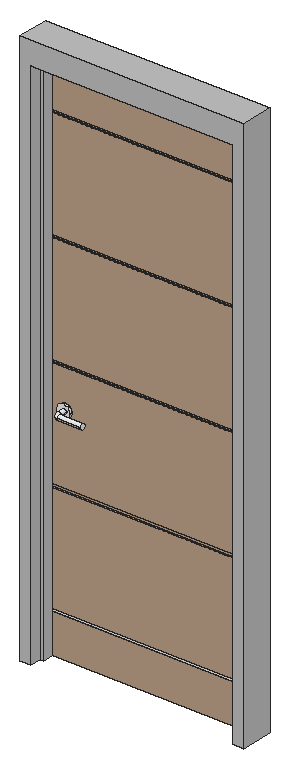
Revit family "single pannel groove door ", category Doors, host Wall, Revit 2026
Family settings
  Host = Wall
  Always vertical = Yes
  Cut with Voids When Loaded = No
  Shared = No
  Room Calculation Point = No
Parameters (values of type "36" x 96"")
  groove thisckness = 0.51325"
  groove gap = 7.67753"
  groove = 0.51325"
  Visual Light Transmittance = 0
  Thickness = 1 3/4"
  Thermal Resistance (R) = 2.5876 (h·ft²·°F)/BTU
  Swing Angle [instance] = 90.00°
  Strike Height = 40"
  Solar Heat Gain Coefficient = 0
  Rough Width [instance] = Width + MF Opening Width  # 40"
  Rough Height [instance] = Height + MF Opening Height  # 100"
  Panel Material = Wood - Birch
  Masonry Frame [instance] = yes
  MF Opening Height [instance] = if(Masonry Frame, 4", 1 1/4")  # 4"
  MF Opening Width [instance] = if(Masonry Frame, 4", 2 1/2")  # 4"
  Inset Calculate [instance] = if(Masonry Frame, Masonry Inset + 3", 3")  # 4"
  Masonry Inset [instance] = 1"
  Height = 96"
  Wall Closure = By host
  Width = 36"
  Heat Transfer Coefficient (U) = 0.3865 BTU/(h·ft²·°F)
  Groove gap plus width = 8.19078"
  Groove = 20"
  Function = Exterior
  Frame Material = Metal - Paint Finish - Grey
  Masonry Frame Depth = 5 3/4"
  Dry Wall Frame [instance] = not(Masonry Frame)  # no
  Door Handle Material = Aluminum
  Define Thermal Properties by = Schematic Type
  Analytic Construction = "Wooden"
Types (7): name | Rough Width | Rough Height | Height | Width
  36" x 96" | 40" | 100" | 96" | 36"
  36" x 94" | 40" | 98" | 94" | 36"
  36" x 86" | 40" | 90" | 86" | 36"
  36" x 84" | 40" | 88" | 84" | 36"
  36" x 80" | 40" | 84" | 80" | 36"
  30" x 84" | 34" | 88" | 84" | 30"
  30" x 80" | 34" | 84" | 80" | 30"
Reference planes (in)
  plane 1 "Center (Front/Back)": y = 0
  plane 2 "Center (Left/Right)": x = 0
  plane 3 "Left": x = -20
  plane 4 "Right": x = 20
  plane 5 "Top": z = 100
  plane 6 "Exterior": y = 4.25
  plane 7 "Interior": y = -3.75
  plane 8 "Door Panel Left": x = -18
  plane 9 "Door Panel Right": x = 18
  plane 10 "Top Of Panel": z = 96
  plane 11: z = 0
  plane 12: z = 0
  plane 13 "Door Back": y = 1.5
  plane 14: z = 40
  plane 15 "Door Front": y = 3.25
  plane 16: y = -2.5
  plane 17: y = 1.3125
  plane 18: x = -17.375
  plane 19: y = -0.5625
  plane 20: z = 98
  plane 21: y = 7.25
  plane 22: z = 98
  plane 23: x = 18.75
  plane 24: x = 20.75
  plane 25: y = 4.75
  plane 26: y = -4.25
  plane 27: x = 18.125
  plane 28: y = 1.3125
  plane 29: y = -0.1875
  plane 30: y = 2.5
  plane 31: y = 2.25
  plane 32: y = 2.375
  plane 33: x = -10.32247
  plane 34: x = -9.80922
Forms (in)
  Extrusion 1, solid, material "Wood - Birch" <- "Panel Material"
    sketch origin (0, 0, 0) x (1, 0, 0) y (0, 0, 1)
      loop
        line (18, 96) -> (-18, 96) -> (-18, 0) -> (18, 0) -> (18, 96)
    from -3.25 to -1.5
  Sweep 2, solid, material "Metal - Paint Finish - Grey" <- "Frame Material", visible <- "Masonry Frame"
    path origin (0, 4.25, 0) x (1, 0, 0) y (0, 0, 1)
      loop
        line (20, 0) -> (20, 98) -> (-20, 98) -> (-20, 0)
    profile origin (-20, 4.25, 49) x (0, -1, 0) y (1, 0, 0)
      loop
        line (1, 2) -> (1, 0) -> (6.75, 0) -> (6.75, 2) -> (4.8125, 2) -> (4.8125, 2.625) -> (2.9375, 2.625) -> (2.9375, 2) -> (1, 2)
  Extrusion 3, solid, material "Metal - Paint Finish - Grey" <- "Frame Material", visible <- "Masonry Frame"
    sketch origin (0, 0, 0) x (0, 1, 0) y (0, 0, 1)
      loop
        line (3.25, 100) -> (-2.5, 100) -> (-2.5, 98) -> (3.25, 98) -> (3.25, 100)
    from -20 to 20
  Sweep 4, solid, material "Metal - Paint Finish - Grey" <- "Frame Material", visible <- "Dry Wall Frame"
    path origin (0, 4.25, 0) x (1, 0, 0) y (0, 0, 1)
      loop
        line (20, 0) -> (20, 100) -> (-20, 100) -> (-20, 0)
    profile origin (20, 4.25, 50) x (-1, 0, 0) y (0, -1, 0)
      loop
        line (-0.75, -0.5) -> (1.25, -0.5) -> (1.25, 2.9375) -> (1.875, 2.9375) -> (1.875, 4.4375) -> (1.25, 4.4375) -> (1.25, 8.5) -> (-0.75, 8.5) -> (-0.75, 8) -> (0, 8) -> (0, 0) -> (-0.75, 0) -> (-0.75, -0.5)
  Extrusion 5, void
    sketch origin (0, 0, -3) x (0, 1, 0) y (0, 0, 1)
      loop
        line (3, 10) -> (4.25, 10) -> (4.25, 10.5) -> (3, 10.5) -> (3, 10)
      loop
        line (3, 30) -> (4.25, 30) -> (4.25, 30.5) -> (3, 30.5) -> (3, 30)
      loop
        line (3, 50) -> (4.25, 50) -> (4.25, 50.5) -> (3, 50.5) -> (3, 50)
      loop
        line (3, 70) -> (4.25, 70) -> (4.25, 70.5) -> (3, 70.5) -> (3, 70)
      loop
        line (3, 90) -> (4.25, 90) -> (4.25, 90.5) -> (3, 90.5) -> (3, 90)
      loop
        line (1.75, 10) -> (1.75, 10.5) -> (0.5, 10.5) -> (0.5, 10) -> (1.75, 10)
      loop
        line (1.75, 30) -> (1.75, 30.5) -> (0.5, 30.5) -> (0.5, 30) -> (1.75, 30)
      loop
        line (1.75, 50) -> (1.75, 50.5) -> (0.5, 50.5) -> (0.5, 50) -> (1.75, 50)
      loop
        line (1.75, 70) -> (1.75, 70.5) -> (0.5, 70.5) -> (0.5, 70) -> (1.75, 70)
      loop
        line (1.75, 90) -> (1.75, 90.5) -> (0.5, 90.5) -> (0.5, 90) -> (1.75, 90)
    from -20 to 20
Cuts and joins
  joined: Sweep 2, Extrusion 3
  Extrusion 5 cuts Extrusion 1
Lines and regions (in)
  Opening 1
    outline origin (-90, -3.75, 0) x (1, 0, 0) y (0, 0, 1)
      loop
        line (70, 0) -> (110, 0) -> (110, 100) -> (70, 100) -> (70, 0)
  Masking region 1, visible <- "Masonry Frame", detail levels coarse+medium
    outline origin (0, 0, 0) x (1, 0, 0) y (0, 1, 0)
      loop
        line (-20, 3.25) -> (-20, -2.5) -> (-18, -2.5) -> (-18, 3.25) -> (-20, 3.25)
      loop
        line (20, 3.25) -> (18, 3.25) -> (18, -2.5) -> (20, -2.5) -> (20, 3.25)
  Masking region 2, visible <- "Masonry Frame", detail levels fine
    outline origin (0, 0, 0) x (1, 0, 0) y (0, 1, 0)
      loop
        line (-20, 3.25) -> (-20, -2.5) -> (-18, -2.5) -> (-18, -0.5625) -> (-17.375, -0.5625) -> (-17.375, 1.3125) -> (-18, 1.3125) -> (-18, 3.25) -> (-20, 3.25)
      loop
        line (20, 3.25) -> (18, 3.25) -> (18, 1.3125) -> (17.375, 1.3125) -> (17.375, -0.5625) -> (18, -0.5625) -> (18, -2.5) -> (20, -2.5) -> (20, 3.25)
  Masking region 3, visible <- "Dry Wall Frame", detail levels coarse+medium
    outline origin (0, 0, 0) x (1, 0, 0) y (0, 1, 0)
      loop
        line (18.75, -3.75) -> (20, -3.75) -> (20, 4.25) -> (18.75, 4.25) -> (18.75, -3.75)
      loop
        line (-20, 4.25) -> (-20, -3.75) -> (-18.75, -3.75) -> (-18.75, 4.25) -> (-20, 4.25)
  Masking region 4, visible <- "Dry Wall Frame", detail levels fine
    outline origin (0, 0, 0) x (1, 0, 0) y (0, 1, 0)
      loop
        line (-20.75, 4.75) -> (-20.75, 4.25) -> (-20, 4.25) -> (-20, -3.75) -> (-20.75, -3.75) -> (-20.75, -4.25) -> (-18.75, -4.25) -> (-18.75, -0.1875) -> (-18.125, -0.1875) -> (-18.125, 1.3125) -> (-18.75, 1.3125) -> (-18.75, 4.75) -> (-20.75, 4.75)
      loop
        line (20.75, 4.25) -> (20.75, 4.75) -> (18.75, 4.75) -> (18.75, 1.3125) -> (18.125, 1.3125) -> (18.125, -0.1875) -> (18.75, -0.1875) -> (18.75, -4.25) -> (20.75, -4.25) -> (20.75, -3.75) -> (20, -3.75) -> (20, 4.25) -> (20.75, 4.25)
  symbolic lines, style "Elevation Swing"
    curve 1: line (-18, 4.25, 96) -> (18, 4.25, 48)
    curve 2: line (18, 4.25, 48) -> (-18, 4.25, 0)
Text (in)
  text "Exterior" at (-74.96733, 27.31104, 0), in view "Ref. Level"
  text "Interior" at (-74.96733, -25.14366, 0), in view "Ref. Level"
  text "Exterior" at (0, 40.15149, 123.01588), in view "Right"
  text "Interior" at (0, -64.39139, 123.01588), in view "Right"
  text "Interior" at (0, -31.01599, 123.00693), in view "Left"
  text "Exterior" at (0, 54.57065, 123.00693), in view "Left"
Dimensions and locks (in)
  equal spacing: plane 3 "Left", plane 2 "Center (Left/Right)", plane 4 "Right"
  "Rough Height": level to plane 5 "Top"
  equal spacing: plane 8 "Door Panel Left", plane 2 "Center (Left/Right)", plane 9 "Door Panel Right"
  "Width": plane 8 "Door Panel Left" to plane 9 "Door Panel Right"
  "Height": level to plane 10 "Top Of Panel"
  plane 11 to plane 12 = 0"
  "Rough Width": plane 3 "Left" to plane 4 "Right"
  equal spacing: plane 12, curve 2, plane 10 "Top Of Panel"
  "Thickness": plane 15 "Door Front" to plane 13 "Door Back"
  "Masonry Frame Depth": plane 15 "Door Front" to plane 16
  locked: plane 13 "Door Back" to plane 17 at 0.1875
  locked: plane 16 to plane 19 at 1.9375
  locked: plane 8 "Door Panel Left" to plane 18 at 0.625
  locked: plane 20 to plane 5 "Top" at 2
  locked: plane 6 "Exterior" to plane 21 at 3
  "Inset Calculate": plane 21 to plane 15 "Door Front"
  locked: plane 10 "Top Of Panel" to plane 22 at 2
  locked: plane 4 "Right" to plane 24 at 0.75
  locked: plane 6 "Exterior" to plane 25 at 0.5
  locked: plane 26 to plane 7 "Interior" at 0.5
  locked: plane 23 to plane 24 at 2
  plane 13 "Door Back" to plane 28 to plane 29 = 3/16" locked, 1 1/2" locked
  locked: plane 27 to plane 23 at 0.625
  "Strike Height": plane 11 to plane 14
  equal spacing: plane 15 "Door Front", plane 32, plane 13 "Door Back"
  locked: plane 32 to plane 31 at 0.125
  locked: plane 30 to plane 32 at 0.125
  "Groove": cut or joined group of Extrusion 1, Extrusion 5 to cut or joined group of Extrusion 1, Extrusion 5 to cut or joined group of Extrusion 1, Extrusion 5 to cut or joined group of Extrusion 1, Extrusion 5 to cut or joined group of Extrusion 1, Extrusion 5
  "groove gap": plane 33 to plane 8 "Door Panel Left"
  "Groove gap plus width": plane 34 to plane 8 "Door Panel Left"
  aligned and locked: plane 3 "Left" to Opening 1 sketch curve
  aligned and locked: plane 5 "Top" to Opening 1 sketch curve  (x2)
  aligned and locked: Opening 1 sketch curve to plane 4 "Right"
  aligned and locked: Opening 1 sketch curve to level
  aligned and locked: plane 6 "Exterior" to host wall
  aligned and locked: plane 7 "Interior" to host wall
  aligned and locked: plane 11 to level
  aligned and locked: Extrusion 1 sketch curve to plane 10 "Top Of Panel"
  aligned and locked: Extrusion 1 sketch curve to plane 8 "Door Panel Left"
  aligned and locked: plane 9 "Door Panel Right" to Extrusion 1 sketch curve
  aligned and locked: Extrusion 1 sketch curve to plane 12
  aligned and locked: Extrusion 1 to plane 13 "Door Back"
  aligned and locked: nested 1 to plane 9 "Door Panel Right"
  aligned and locked: nested 2 to plane 8 "Door Panel Left"
  aligned and locked: nested 2 to plane 14
  aligned and locked: plane 8 "Door Panel Left" to nested 3
  aligned and locked: nested 3 to plane 13 "Door Back"
  aligned and locked: plane 14 to nested 3
  aligned and locked: nested 1 to plane 15 "Door Front"
  aligned and locked: nested 2 to plane 15 "Door Front"
  aligned and locked: Extrusion 1 to nested 1
  aligned and locked: Sweep 2 sketch curve to plane 3 "Left"  (x2)
  aligned and locked: plane 11 to Sweep 2 sketch curve  (x2)
  aligned and locked: plane 18 to Sweep 2 sketch curve
  aligned and locked: plane 8 "Door Panel Left" to Sweep 2 sketch curve  (x2)
  aligned and locked: plane 17 to Sweep 2 sketch curve
  aligned and locked: Sweep 2 sketch curve to plane 19
  aligned and locked: Sweep 2 sketch curve to plane 16
  aligned and locked: Sweep 2 sketch curve to plane 15 "Door Front"
  aligned and locked: Sweep 2 sketch curve to plane 4 "Right"
  aligned and locked: plane 5 "Top" to Extrusion 3 sketch curve
  aligned and locked: Extrusion 3 sketch curve to plane 16
  aligned and locked: Extrusion 3 sketch curve to plane 15 "Door Front"
  aligned and locked: plane 20 to Extrusion 3 sketch curve
  aligned and locked: cut or joined group of Sweep 2, Extrusion 3 to plane 4 "Right"
  aligned and locked: plane 3 "Left" to cut or joined group of Sweep 2, Extrusion 3
  aligned and locked: Masking region 1 sketch curve to plane 15 "Door Front"
  aligned and locked: plane 8 "Door Panel Left" to Masking region 1 sketch curve
  aligned and locked: Masking region 1 sketch curve to plane 16
  aligned and locked: Masking region 1 sketch curve to plane 3 "Left"
  aligned and locked: plane 15 "Door Front" to Masking region 1 sketch curve
  aligned and locked: Masking region 1 sketch curve to plane 4 "Right"
  aligned and locked: plane 9 "Door Panel Right" to Masking region 1 sketch curve
  aligned and locked: plane 16 to Masking region 1 sketch curve
  aligned and locked: Masking region 2 sketch curve to plane 3 "Left"
  aligned and locked: Masking region 2 sketch curve to plane 16
  aligned and locked: plane 8 "Door Panel Left" to Masking region 2 sketch curve  (x2)
  aligned and locked: Masking region 2 sketch curve to plane 15 "Door Front"
  aligned and locked: Masking region 2 sketch curve to cut or joined group of Sweep 2, Extrusion 3  (x4)
  aligned and locked: plane 15 "Door Front" to Masking region 2 sketch curve
  aligned and locked: Masking region 2 sketch curve to plane 4 "Right"
  aligned and locked: plane 9 "Door Panel Right" to Masking region 2 sketch curve  (x2)
  aligned and locked: plane 16 to Masking region 2 sketch curve
  aligned and locked: cut or joined group of Sweep 2, Extrusion 3 to Masking region 2 sketch curve  (x2)
  aligned and locked: plane 22 to Sweep 2 sketch curve
  aligned and locked: plane 4 "Right" to Sweep 4 sketch curve
  aligned and locked: Sweep 4 sketch curve to plane 3 "Left"
  aligned and locked: plane 24 to Sweep 4 sketch curve  (x2)
  aligned and locked: Sweep 4 sketch curve to plane 7 "Interior"
  aligned and locked: Sweep 4 sketch curve to plane 26
  aligned and locked: Sweep 4 sketch curve to plane 23  (x2)
  aligned and locked: Sweep 4 sketch curve to plane 29
  aligned and locked: plane 27 to Sweep 4 sketch curve
  aligned and locked: plane 28 to Sweep 4 sketch curve
  aligned and locked: Sweep 4 sketch curve to plane 25
  aligned and locked: plane 6 "Exterior" to Sweep 4 sketch curve
  aligned and locked: Sweep 4 sketch curve to plane 4 "Right"
  aligned and locked: plane 5 "Top" to Sweep 4 sketch curve
  aligned and locked: Masking region 3 sketch curve to plane 6 "Exterior"
  aligned and locked: plane 7 "Interior" to Masking region 3 sketch curve
  aligned and locked: Masking region 3 sketch curve to plane 4 "Right"
  aligned and locked: Masking region 3 sketch curve to Sweep 4  (x2)
  aligned and locked: plane 6 "Exterior" to Masking region 3 sketch curve
  aligned and locked: Masking region 3 sketch curve to plane 3 "Left"
  aligned and locked: Masking region 3 sketch curve to plane 7 "Interior"
  aligned and locked: Masking region 4 sketch curve to plane 3 "Left"
  aligned and locked: Masking region 4 sketch curve to Sweep 4  (x13)
  aligned and locked: Masking region 4 sketch curve to plane 6 "Exterior"
  aligned and locked: plane 7 "Interior" to Masking region 4 sketch curve
  aligned and locked: Masking region 4 sketch curve to plane 4 "Right"
  aligned and locked: Masking region 4 sketch curve to plane 7 "Interior"
  aligned and locked: Sweep 4 to Masking region 4 sketch curve  (x5)
  aligned and locked: plane 6 "Exterior" to Masking region 4 sketch curve
  aligned and locked: plane 11 to Sweep 4 sketch curve  (x2)
  aligned and locked: Extrusion 5 to host wall  (x2)
  aligned and locked: Extrusion 5 to plane 4 "Right"
Automatic sketch dimensions
  curve 2 to level = 0"
  plane 8 "Door Panel Left" to curve 2 = 0"
  plane 8 "Door Panel Left" to curve 1 = 0"
  plane 9 "Door Panel Right" to curve 2 = 0"
  curve 1 to plane 10 "Top Of Panel" = 0"
  Extrusion 5 sketch curve to host wall = 0"  (x5)
  Extrusion 5 sketch curve to plane 15 "Door Front" = 1/4"  (x5)
  plane 13 "Door Back" to Extrusion 5 sketch curve = 1/4"  (x5)
  Extrusion 5 sketch curve to host wall = 1/4"  (x5)
  level to Extrusion 5 sketch curve = 7"
  Extrusion 5 sketch curve to Extrusion 5 sketch curve = 0"  (x5)
  Extrusion 5 sketch curve to Extrusion 5 sketch curve = 1/2"  (x10)
  Extrusion 5 sketch curve to plane 14 = 13"
  plane 14 to Extrusion 5 sketch curve = 7"
  Extrusion 5 sketch curve to Extrusion 5 sketch curve = 19 1/2"
  Extrusion 5 sketch curve to plane 10 "Top Of Panel" = 9"
Nested families (in)
  nested 1: "Door Swing-Single" at (18, 3.25, 0), Swing Angle <- "Swing Angle", type "Single"
    with Swing Visible yes, Swing Angle 90.00°, Actual Angle 90.00°
  nested 2: "Handle Lever" at (-23.90551, 3.25, 40), type "Standard", detail levels fine
  nested 3: "Handle Lever" at (-23.90551, 1.5, 40), type "Standard", detail levels fine
Definition of nested family "Handle Lever"
  Parameters (values of type "Standard")
    Material = none
    Handle Z Distance = 0"
    Handle X Distance = 2 61/64"
    Define Thermal Properties by = (empty or 0)
    Analytic Construction = "<None>"
  Reference planes (in)
    plane 1 "Center (Front/Back)": y = 0
    plane 2: z = 0
    plane 3 "Center (Left/Right)": x = 5.90551
    plane 4: z = 0
    plane 5 "Handle C/L": x = 8.85864
  Forms (in)
    Extrusion 1, solid, material <- "Material"
      sketch origin (11.81102, 0, 0) x (1, 0, 0) y (0, 0, -1)
        loop
          circle (-3.05081, 0) r 1.1811
      from 0 to 0.31496
    Sweep 2, solid, material <- "Material"
      path origin (0, 0, 0) x (0, -1, 0) y (1, 0, 0)
        loop
          line (-0.31496, 8.85864) -> (-1.49606, 8.85864)
          arc (-1.49606, 8.85864) -> (-1.91365, 9.03161) -> (-2.08661, 9.44919) r 0.59055
          line (-2.08661, 9.44919) -> (-2.08661, 13.58305)
      profile origin (8.85864, 0.90551, 0) x (1, 0, 0) y (0, 0, 1)
        loop
          circle (0, 0) r 0.3937
  Dimensions and locks (in)
    "Handle Z Distance": plane 4 to level
    Sweep 2 sketch curve to Sweep 2 sketch curve = 4.13386"
    "Handle X Distance": plane 5 "Handle C/L" to plane 3 "Center (Left/Right)"
    plane 5 "Handle C/L" to Sweep 2 sketch curve = 4.72441"
    aligned and locked: plane 4 to Extrusion 1 sketch curve
  Automatic sketch dimensions
    Sweep 2 sketch curve to profile plane = 0"  (x2)
    Sweep 2 sketch curve to plane 5 "Handle C/L" = 0"
    Sweep 2 sketch curve to plane 1 "Center (Front/Back)" = 2.08661"
    Sweep 2 sketch curve to plane 1 "Center (Front/Back)" = 0.31496"
    Extrusion 1 sketch curve to plane 5 "Handle C/L" = 0.09843"
    radius of Sweep 2 sketch curve = 0.3937"
    radius of Extrusion 1 sketch curve = 1.1811"
Definition of nested family "Door Swing-Single"
  Parameters (values of type "Single")
    Width = 36"
    Thickness = 1 3/4"
    Swing Visible [instance] = Swing Angle > 1.00°  # yes
    Swing Angle [instance] = 45.00°
    Define Thermal Properties by = (empty or 0)
    Analytic Construction = "<None>"
    Actual Angle [instance] = if(Swing Angle < 1.00°, 1.00°, Swing Angle)  # 45.00°
  Reference planes (in)
    plane 1 "Center (Front/Back)": y = 0
    plane 2: z = 0
    plane 3 "Center (Left/Right)": x = 0
    plane 4: x = -36
  Lines and regions (in)
    Masking region 1
      outline origin (0, 0, 0) x (-0.707107, 0.707107, 0) y (-0.707107, -0.707107, 0)
        loop
          line (0, 0) -> (36, 0) -> (36, 1.75) -> (0, 1.75) -> (0, 0)
    symbolic lines
      curve 1: line (0, 0, 0) -> (-36, 0, 0)
    symbolic lines, visible <- "Swing Visible"
      curve 2: arc (-36, 0, 0) -> (-33.25966, 13.7766, 0) -> (-25.45584, 25.45584, 0) r 36
    reference lines
      curve 3: line (0, 0, 0) -> (-25.45584, 25.45584, 0)
    model lines
      curve 4: line (0, 0, 0) -> (0, 0, 1)
  Dimensions and locks (in)
    "Width": plane 4 to plane 3 "Center (Left/Right)"
    locked: curve 2 to plane 3 "Center (Left/Right)"
    locked: curve 2 to plane 1 "Center (Front/Back)"
    "Width": curve 3 to curve 3
    "Thickness": Masking region 1 sketch curve to Masking region 1 sketch curve
    locked: curve 4 to plane 2 at 1
    "Width": radius of curve 2
    "Actual Angle": angle curve 2 to curve 2
    "Swing Angle": angle curve 3 to plane 1 "Center (Front/Back)"
    aligned and locked: curve 1 to plane 1 "Center (Front/Back)"
    aligned and locked: plane 3 "Center (Left/Right)" to curve 1
    aligned and locked: plane 3 "Center (Left/Right)" to curve 3
    aligned and locked: plane 1 "Center (Front/Back)" to curve 3
    aligned and locked: curve 3 to Masking region 1 sketch curve
    aligned and locked: Masking region 1 sketch curve to curve 3  (x2)
    aligned and locked: plane 3 "Center (Left/Right)" to curve 4
    aligned and locked: plane 2 to curve 4
